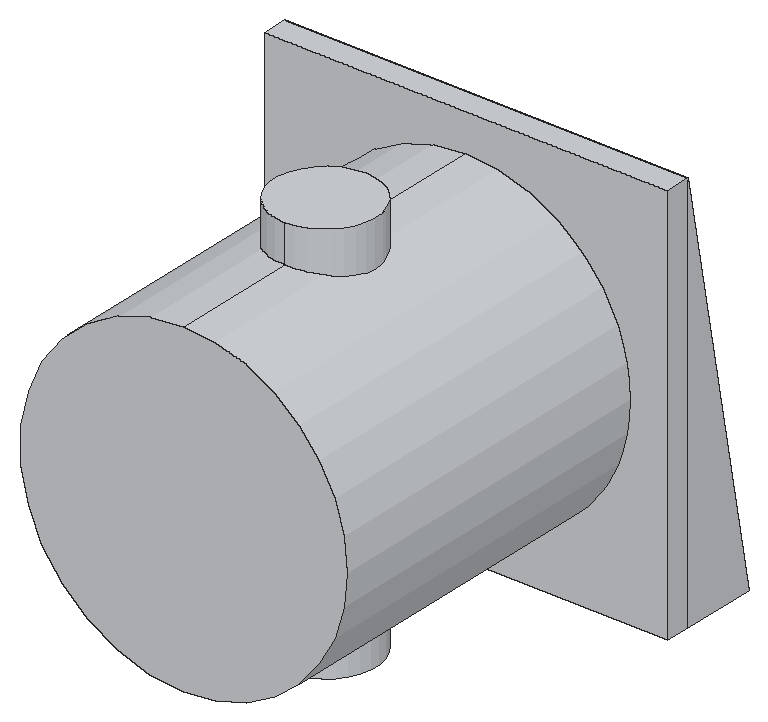
Revit family "DG_Datendose 1-fach_V1700", category Datengeräte, Revit 2017
Family settings
  Beschriftungsausrichtung beibehalten = Ja
  Bemaßung runder Anschluss = Durchmesser verwenden
  Teiletyp = Normal
  OmniClass-Nummer = 23.85.50.17.11
  OmniClass-Titel = Computer Network Equipment
  Arbeitsebenenbasiert = Nein
  Immer vertikal = Ja
  Beim Laden mit Abzugskörper schneiden = Ja
  Gemeinsam genutzt = Nein
  Raumberechnungspunkt = Nein
Parameters (values of type "SPA")
  pbr_Material_KZ = ""
  pbr_Material = none
  pbr_E_Typ = ""
  pbr_E_KZ = ""
  pbr_DINBild = 0
  pbr_Bild = 0
  pbr_3Dx_Delta_Korrekturversatz [instance] = 0 mm
  pbr_3DX_Versatzfaktor [instance] = 0
  pbr_2DY_Versatzfaktor [instance] = 0
  pbr_2DX_Versatzfaktor [instance] = 0
  lfd_STRK [instance] = 0
  cpiFitMatchKey [instance] = "KK  EDVD1f"
  Winkel [instance] = 0.00°
  Typ [instance] = ""
  Text3 [instance] = ""
  Text2 [instance] = ""
  Text1 [instance] = ""
  Port2 [instance] = ""
  Port1 [instance] = ""
  Planungsbüro Rohling = ""
  Patchfeld [instance] = ""
  Netzart = ""
  Menge(Dosenzahl) [instance] = 0
  Linie/Anschluss [instance] = ""
  Linie [instance] = ""
  Installationsart = ""
  Info [instance] = ""
  Gewerk [instance] = "SPA"
  Datendose KAS = no
  Datendose EDV = yes
  Bus [instance] = ""
  Breite [instance] = 80 mm
  Betriebsstrom ruhe [instance] = 0
  Betriebsstrom max [instance] = 0
  Eckversatz [instance] = 0 mm
  YFrontversatz [instance] = if(pbr_2DY_Versatzfaktor = 300, 0 mm, pbr_2DY_Versatzfaktor * 300 mm)  # 0 mm
  XSeitenversatz [instance] = if(pbr_2DX_Versatzfaktor = 0, 3000 mm, 3000 mm + (pbr_2DX_Versatzfaktor * 300 mm)) + Eckversatz  # 3000 mm
  X3Dversatz [instance] = if([3DX_Versatzkontrolle] = 0, 2000 mm, 2000 mm + ([3DX_Versatzkontrolle] * (300 mm - Breite))) + pbr_3Dx_Delta_Korrekturversatz  # 2000 mm
  Steckdosenradius = 20 mm
  Spannung = 230 V
  R_Leerrohranschluss = 10 mm
  Niveau [instance] = 300 mm
  Lastklassifizierung = Anschlussbuchse
  Dosentiefe = 70 mm  # constant formula
  Dosenradius = 65 mm / 2  # 32.5 mm
  D_Leerrohranschluss = 2 * R_Leerrohranschluss  # 20 mm
  3DX_Versatzkontrolle [instance] = if(pbr_3DX_Versatzfaktor = 0, (pbr_2DX_Versatzfaktor * -1), (((-1 * pbr_3DX_Versatzfaktor) + pbr_2DX_Versatzfaktor) * -1))  # 0
  Platzierrahmen [instance] = no
Types (3, lengths in mm): name | Gewerk | Datendose KAS | Datendose EDV
  KAS | "KAS" | yes | no
  SPA | "SPA" | no | yes
  EDV | "EDV" | no | yes
Reference planes
  plane 1 "Mitte (Vorne/Hinten)": y = 0
  plane 2: z = 0
  plane 3 "Mitte (Links/Rechts)": x = 0
  plane 4: x = -125
  plane 5: x = 125
  plane 6: y = 300
  plane 7 "Schalterhinten": y = 0
  plane 8: x = -3000
  plane 9: x = 0
  plane 10: x = -2000
  plane 11: x = -40
  plane 12: x = 40
  plane 13: z = 340
  plane 14: z = 260
  plane 15 "SchalterVorne": y = 5
  plane 16 "3DSchalterMitte": x = 0
  plane 17 "Achse": z = 300
  plane 18: y = -70
  plane 19: y = -35
  plane 20: z = 320
  plane 21: z = 280
  plane 22 "EDV01": x = -20
  plane 23: y = 225
  plane 24: y = 12.5
  plane 25: y = 0
Forms (mm)
  Extrusion 1, solid
    sketch origin (0, 20, 0) x (0, 0, 1) y (-1, 0, 0)
      loop
        line (260, 40) -> (260, -40) -> (340, -40) -> (340, 40) -> (260, 40)
    from 15 to 20
  Sweep 2, solid
    path origin (0, 0, 0) x (0, 0, 1) y (0, -1, 0)
      loop
        line (300, 0) -> (300, 70)
    profile origin (0, -35, 300) x (0, 0, -1) y (1, 0, 0)
      loop
        circle (0, 0) r 32.5
  Sweep 3, solid
    path origin (0, 0, 0) x (0, 0, 1) y (0, -1, 0)
      loop
        line (260, 35) -> (340, 35)
    profile origin (0, -35, 300) x (0, -1, 0) y (1, 0, 0)
      loop
        circle (0, 0) r 10
  Extrusion 4, solid
    sketch origin (0, 0, 0) x (0, 1, 0) y (0, 0, 1)
      loop
        line (5, 260) -> (20, 260) -> (5, 340) -> (5, 260)
    from -40 to 40
  Extrusion 5, void
    sketch origin (0, 0, 0) x (1, 0, 0) y (0, 1, 0)
      loop
        circle (0, 12.5) r 5
    from 260 to 270
Cuts and joins
  joined: Extrusion 1, Sweep 2, Sweep 3
  Extrusion 5 cuts Extrusion 4
Lines and regions (mm)
  model lines, visible <- "Platzierrahmen"
    curve 1: line (-125, -300, 0) -> (125, -300, 0)
    curve 2: line (-125, 300, 0) -> (-125, -300, 0)
    curve 3: line (125, 300, 0) -> (-125, 300, 0)
    curve 4: line (125, -300, 0) -> (125, 300, 0)
Dimensions and locks
  plane 4 to plane 5 = 250 mm
  plane 6 to plane 7 "Schalterhinten" = 300 mm
  equal spacing: plane 4, plane 9, plane 5, locked at 125 each
  "XSeitenversatz": plane 8 to plane 9
  plane 8 to plane 3 "Mitte (Links/Rechts)" = 3000 mm
  "YFrontversatz": plane 1 "Mitte (Vorne/Hinten)" to plane 7 "Schalterhinten"
  plane 12 to plane 11 = 80 mm
  plane 13 to plane 14 = 80 mm
  plane 9 to plane 10 = 2000 mm
  equal spacing: plane 12, plane 16 "3DSchalterMitte", plane 11
  "X3Dversatz": plane 16 "3DSchalterMitte" to plane 10
  equal spacing: plane 13, plane 17 "Achse", plane 14
  "Niveau": plane 17 "Achse" to level
  "Dosentiefe": plane 1 "Mitte (Vorne/Hinten)" to plane 18
  plane 15 "SchalterVorne" to plane 1 "Mitte (Vorne/Hinten)" = 5 mm
  equal spacing: plane 18, plane 19, plane 1 "Mitte (Vorne/Hinten)"
  plane 13 to plane 20 = 20 mm
  plane 21 to plane 14 = 20 mm
  plane 22 "EDV01" to plane 11 = 20 mm
  plane 23 to plane 7 "Schalterhinten" = 225 mm
  equal spacing: Extrusion 4, plane 24, Extrusion 4
  locked: plane 7 "Schalterhinten" to plane 25 at 0
  locked: plane 9 to nested 1
  locked: nested 1 to plane 25 at 0
  "Breite": cut or joined group of Extrusion 1, Sweep 2, Sweep 3 to cut or joined group of Extrusion 1, Sweep 2, Sweep 3
  "Dosenradius": radius of Sweep 2 sketch curve
  "R_Leerrohranschluss": radius of Sweep 3 sketch curve
  aligned and locked: level to plane 2
  aligned and locked: curve 2 to plane 4
  aligned and locked: plane 6 to curve 3
  aligned and locked: plane 5 to curve 4
  aligned and locked: plane 14 to Extrusion 1 sketch curve
  aligned and locked: plane 11 to Extrusion 1 sketch curve
  aligned and locked: Extrusion 1 sketch curve to plane 13
  aligned and locked: Extrusion 1 sketch curve to plane 12
  aligned and locked: plane 1 "Mitte (Vorne/Hinten)" to Extrusion 1
  aligned and locked: Extrusion 1 to plane 15 "SchalterVorne"
  aligned and locked: Extrusion 4 to cut or joined group of Extrusion 1, Sweep 2, Sweep 3
  aligned and locked: Extrusion 4 to plane 11
  aligned and locked: Extrusion 4 to Extrusion 5
  aligned and locked: nested 2 to plane 9
  aligned and locked: nested 2 to plane 7 "Schalterhinten"
Automatic sketch dimensions
  Sweep 3 sketch curve to plane 14 = 0 mm
  plane 13 to Sweep 3 sketch curve = 0 mm
  Sweep 3 sketch curve to plane 19 = 0 mm
  Sweep 3 sketch curve to plane 16 "3DSchalterMitte" = 0 mm
  Sweep 3 sketch curve to profile plane = 0 mm
  Sweep 2 sketch curve to plane 17 "Achse" = 0 mm
  Sweep 2 sketch curve to plane 1 "Mitte (Vorne/Hinten)" = 0 mm
  Sweep 2 sketch curve to plane 18 = 0 mm
  plane 16 "3DSchalterMitte" to Sweep 2 sketch curve = 0 mm
  Sweep 2 sketch curve to profile plane = 0 mm
  plane 13 to Extrusion 4 sketch curve = 0 mm
  Extrusion 4 sketch curve to plane 15 "SchalterVorne" = 0 mm
  Extrusion 4 sketch curve to plane 14 = 0 mm
  Extrusion 4 sketch curve to plane 15 "SchalterVorne" = 15 mm
  plane 22 "EDV01" to Extrusion 5 sketch curve = 20 mm
  Extrusion 5 sketch curve to plane 24 = 0 mm
  curve 1 to plane 7 "Schalterhinten" = 300 mm
  radius of Extrusion 5 sketch curve = 5 mm
Nested families
  nested 1: "Datendose 1fach KAS" at (0, 0, 0), visible <- "Datendose KAS", type "Datendose 1fach KAS"
  nested 2: "Datendose 1fach EDV" at (0, 0, 0), visible <- "Datendose EDV", type "Datendose 1fach EDV"
Connectors
  electrical at (0, -35, 340), driven by "Spannung"
    settings: on cut or joined group of Extrusion 1, Sweep 2, Sweep 3, index 1, voltage 230 V, apparent load 0 VA, apparent load phase1 0 VA, apparent load phase2 0 VA, apparent load phase3 0 VA, power factor 1, load classification "Elektro", number of poles 1, system type 5, power factor state 1, is connector primary yes, connector utility no, sub classification motor no, connector description ""
  cabletrayconduit at (0, -35, 340), diameter 20, driven by "D_Leerrohranschluss"
    settings: on cut or joined group of Extrusion 1, Sweep 2, Sweep 3, index 2, connector width 300 mm, connector height 300 mm, connector angle 0.00°, system type 32, placement type 0, profile type 0, connector reference index -1, is primary connector yes, connector utility param no, connector description ""
  cabletrayconduit at (0, -35, 260), diameter 20, driven by "D_Leerrohranschluss"
    settings: on cut or joined group of Extrusion 1, Sweep 2, Sweep 3, index 3, connector width 300 mm, connector height 300 mm, connector angle 0.00°, system type 32, placement type 0, profile type 0, connector reference index -1, is primary connector no, connector utility param no, connector description ""
Definition of nested family "Datendose 1fach KAS"
  Reference planes
    plane 1 "Mitte (Vorne/Hinten)": y = 0
    plane 2: z = 0
    plane 3 "Mitte (Links/Rechts)": x = 0
  Lines and regions (mm)
    Filled region 1, type "Flächenfüllung Schwarz", in view "Referenzebene"
      outline origin (0, 0, 0) x (1, 0, 0) y (0, 1, 0)
        loop
          circle (0, 251.981) r 44.028
    detail lines, in view "Referenzebene"
      curve 1: line (125, 282, 0) -> (125, 182, 0)
      curve 2: line (125, 182, 0) -> (-125, 182, 0)
      curve 3: line (-125, 182, 0) -> (-125, 282, 0)
      curve 4: line (0, 182, 0) -> (0, 0, 0)
Definition of nested family "Datendose 1fach EDV"
  Reference planes
    plane 1 "Mitte (Vorne/Hinten)": y = 0
    plane 2: z = 0
    plane 3 "Mitte (Links/Rechts)": x = 0
  Lines and regions (mm)
    Filled region 1, type "Flächenfüllung Schwarz", in view "Referenzebene"
      outline origin (0, 0, 0) x (1, 0, 0) y (0, 1, 0)
        loop
          circle (0, 251.981) r 44.021
    detail lines, in view "Referenzebene"
      curve 1: line (125, 282, 0) -> (125, 182, 0)
      curve 2: line (125, 182, 0) -> (-125, 182, 0)
      curve 3: line (-125, 182, 0) -> (-125, 282, 0)
      curve 4: line (0, 182, 0) -> (0, 0, 0)
